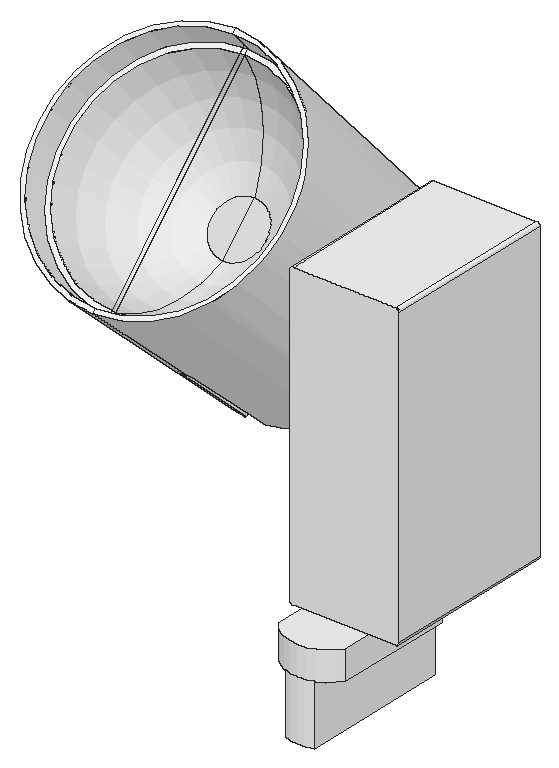
Revit family "0004936 Feilo Sylvania Lighting Fixture START TRACK SPOT L DALI 3562LM 940 WB WHT", category Lighting Fixtures, host Face, Revit 2017 (continued)
Definition of nested family "Start Track Spot Head"
  Types (96, lengths in mm): name | Wattage | built-in parameter 1150134 | Photometric Web File | Model | built-in parameter 1150105 | Lumens | built-in parameter 1150107 | built-in parameter 1150106 | HeadThickness_FEILO | HeadRibOffset_FEILO | HeadRibDepth_FEILO | HeadRibCutWidth_FEILO | HeadRibCutOffset_FEILO | HeadReflectorRadius_FEILO | HeadReflectorOffset_FEILO | HeadLEDRadius_FEILO | HeadHeight_FEILO | HeadDiffusorOffset_FEILO | HeadDiaOut_FEILO | HeadDiaIn_FEILO | HeadAxisFromTop_FEILO | Emit from Circle Diameter | built-in parameter 1150104 | Description | Apparent Load
    0004864 START TRACK SPOT S 24W 3K RA90 WB WHITE | 24 W | (empty or 0) | "0004864.ies" | "START TRACK SPOT S 24W 3K RA90 WB WHITE" | 152.79 (stored number, unit not read) | 1920 lm | 3000 (stored number, unit not read) | 1.5279 (stored number, unit not read) | 1.5 | 4.179 | 55.714 | 7.167 | 50.87 | 50.588 | 55.714 | 9.556 | 117 | 9.435 | 86 | 77.477 | 69.354 | 77.477 | 7.4322 (stored number, unit not read) | "Integrated LED spotlight, Textured White - RAL9016, compact and minimalist design, ideal for retail applications, die-cast aluminium body, passive cooling heatsink. Beam angle: 64°, color temperature: 3000K , total system power: 24W, total fixture output: 1928 lm, LOR: 100%, colour rendering: Ra: 90 typical, LED Chromaticity: 3 step MacAdam ellipse, lifetime: >50000 hours at L70B50, energy class: A++, A+, A, IR/UV free light source without heat radiation, operating voltage: 220-240V / 50-60Hz, drive current: 600mA, electronic driver, non-dimmable, power factor: 0.95, electrical protection: Class II, Global Track 3 Phase adapter suitable for Global trac 3-circuit tracks, ingress protection rating: IP20, suitable for internal environment only, horizontal rotation: 355°, vertical tilt: 90°, dimensions: Ø86x140x200, weight: 0.966kg." | 24 VA
    0004863 START TRACK SPOT S 24W 3K RA90 MB WHITE | 24 W | (empty or 0) | "0004863.ies" | "START TRACK SPOT S 24W 3K RA90 MB WHITE" | 154.7 (stored number, unit not read) | 1944 lm | 3000 (stored number, unit not read) | 1.547 (stored number, unit not read) | 1.5 | 4.179 | 55.714 | 7.167 | 50.87 | 50.588 | 55.714 | 9.556 | 117 | 9.435 | 86 | 77.477 | 69.354 | 77.477 | 7.5251 (stored number, unit not read) | "Integrated LED spotlight, Textured White - RAL9016, compact and minimalist design, ideal for retail applications, die-cast aluminium body, passive cooling heatsink. Beam angle: 36°, color temperature: 3000K , total system power: 24W, total fixture output: 1944 lm, LOR: 100%, colour rendering: Ra: 90 typical, LED Chromaticity: 3 step MacAdam ellipse, lifetime: >50000 hours at L70B50, energy class: A++, A+, A, IR/UV free light source without heat radiation, operating voltage: 220-240V / 50-60Hz, drive current: 600mA, electronic driver, non-dimmable, power factor: 0.95, electrical protection: Class II, Global Track 3 Phase adapter suitable for Global trac 3-circuit tracks, ingress protection rating: IP20, suitable for internal environment only, horizontal rotation: 355°, vertical tilt: 90°, dimensions: Ø86x140x200, weight: 0.966kg." | 24 VA
    0004862 START TRACK SPOT S 24W 3K RA90 NB WHITE | 24 W | (empty or 0) | "0004862.ies" | "START TRACK SPOT S 24W 3K RA90 NB WHITE" | 158.52 (stored number, unit not read) | 1992 lm | 3000 (stored number, unit not read) | 1.5852 (stored number, unit not read) | 1.5 | 4.179 | 55.714 | 7.167 | 50.87 | 50.588 | 55.714 | 9.556 | 117 | 9.435 | 86 | 77.477 | 69.354 | 77.477 | 7.711 (stored number, unit not read) | "Integrated LED spotlight, Textured White - RAL9016, compact and minimalist design, ideal for retail applications, die-cast aluminium body, passive cooling heatsink. Beam angle: 12°, color temperature: 3000K , total system power: 24W, total fixture output: 1987 lm, LOR: 100%, colour rendering: Ra: 90 typical, LED Chromaticity: 3 step MacAdam ellipse, lifetime: >50000 hours at L70B50, energy class: A++, A+, A, IR/UV free light source without heat radiation, operating voltage: 220-240V / 50-60Hz, drive current: 600mA, electronic driver, non-dimmable, power factor: 0.95, electrical protection: Class II, Global Track 3 Phase adapter suitable for Global trac 3-circuit tracks, ingress protection rating: IP20, suitable for internal environment only, horizontal rotation: 355°, vertical tilt: 90°, dimensions: Ø86x140x200, weight: 0.966kg." | 24 VA
    0004861 START TRACK SPOT S 14W 3K RA90 WB WHITE | 14 W | (empty or 0) | "0004861.ies" | "START TRACK SPOT S 14W 3K RA90 WB WHITE" | 100.27 (stored number, unit not read) | 1260 lm | 3000 (stored number, unit not read) | 1.0027 (stored number, unit not read) | 1.5 | 4.179 | 55.714 | 7.167 | 50.87 | 50.588 | 55.714 | 9.556 | 117 | 9.435 | 86 | 77.477 | 69.354 | 77.477 | 8.3613 (stored number, unit not read) | "Integrated LED spotlight, Textured White - RAL9016, compact and minimalist design, ideal for retail applications, die-cast aluminium body, passive cooling heatsink. Beam angle: 64°, color temperature: 3000K , total system power: 14W, total fixture output: 1262 lm, LOR: 100%, colour rendering: Ra: 90 typical, LED Chromaticity: 3 step MacAdam ellipse, lifetime: >50000 hours at L70B50, energy class: A++, A+, A, IR/UV free light source without heat radiation, operating voltage: 220-240V / 50-60Hz, drive current: 350mA, electronic driver, non-dimmable, power factor: 0.92, electrical protection: Class II, Global Track 3 Phase adapter suitable for Global trac 3-circuit tracks, ingress protection rating: IP20, suitable for internal environment only, horizontal rotation: 355°, vertical tilt: 90°, dimensions: Ø86x140x200, weight: 0.940kg." | 14 VA
    0004860 START TRACK SPOT S 14W 3K RA90 MB WHITE | 14 W | (empty or 0) | "0004860.ies" | "START TRACK SPOT S 14W 3K RA90 MB WHITE" | 100.27 (stored number, unit not read) | 1260 lm | 3000 (stored number, unit not read) | 1.0027 (stored number, unit not read) | 1.5 | 4.179 | 55.714 | 7.167 | 50.87 | 50.588 | 55.714 | 9.556 | 117 | 9.435 | 86 | 77.477 | 69.354 | 77.477 | 8.3613 (stored number, unit not read) | "Integrated LED spotlight, Textured White - RAL9016, compact and minimalist design, ideal for retail applications, die-cast aluminium body, passive cooling heatsink. Beam angle: 36°, color temperature: 3000K , total system power: 14W, total fixture output: 1262 lm, LOR: 100%, colour rendering: Ra: 90 typical, LED Chromaticity: 3 step MacAdam ellipse, lifetime: >50000 hours at L70B50, energy class: A++, A+, A, IR/UV free light source without heat radiation, operating voltage: 220-240V / 50-60Hz, drive current: 350mA, electronic driver, non-dimmable, power factor: 0.92, electrical protection: Class II, Global Track 3 Phase adapter suitable for Global trac 3-circuit tracks, ingress protection rating: IP20, suitable for internal environment only, horizontal rotation: 355°, vertical tilt: 90°, dimensions: Ø86x140x200, weight: 0.940kg." | 14 VA
    0004859 START TRACK SPOT S 14W 3K RA90 NB WHITE | 14 W | (empty or 0) | "0004859.ies" | "START TRACK SPOT S 14W 3K RA90 NB WHITE" | 102.5 (stored number, unit not read) | 1288 lm | 3000 (stored number, unit not read) | 1.025 (stored number, unit not read) | 1.5 | 4.179 | 55.714 | 7.167 | 50.87 | 50.588 | 55.714 | 9.556 | 117 | 9.435 | 86 | 77.477 | 69.354 | 77.477 | 8.5471 (stored number, unit not read) | "Integrated LED spotlight, Textured White - RAL9016, compact and minimalist design, ideal for retail applications, die-cast aluminium body, passive cooling heatsink. Beam angle: 12°, color temperature: 3000K , total system power: 14W, total fixture output: 1284 lm, LOR: 100%, colour rendering: Ra: 90 typical, LED Chromaticity: 3 step MacAdam ellipse, lifetime: >50000 hours at L70B50, energy class: A++, A+, A, IR/UV free light source without heat radiation, operating voltage: 220-240V / 50-60Hz, drive current: 350mA, electronic driver, non-dimmable, power factor: 0.92, electrical protection: Class II, Global Track 3 Phase adapter suitable for Global trac 3-circuit tracks, ingress protection rating: IP20, suitable for internal environment only, horizontal rotation: 355°, vertical tilt: 90°, dimensions: Ø86x140x200, weight: 0.940kg." | 14 VA
    0004858 START TRACK SPOT L 55W 4K RA80 WB BLACK | 55 W | 12 | "0004858.ies" | "START TRACK SPOT L 55W 4K RA80 WB BLACK" | 424.55 (stored number, unit not read) | 5335 lm | 4000 (stored number, unit not read) | 4.2455 (stored number, unit not read) | 2 | 4.429 | 59.048 | 9.417 | 53.913 | 66.471 | 59.048 | 12.556 | 124 | 10 | 113 | 101.802 | 73.503 | 101.802 | 9.0116 (stored number, unit not read) | "Integrated LED spotlight, Textured Black - RAL9005, compact and minimalist design, ideal for retail applications, die-cast aluminium body, passive cooling heatsink. Beam angle: 52°, color temperature: 4000K , total system power: 55W, total fixture output: 5320 lm, LOR: 100%, colour rendering: Ra: 80 typical, LED Chromaticity: 3 step MacAdam ellipse, lifetime: >50000 hours at L70B50, energy class: A++, A+, A, IR/UV free light source without heat radiation, operating voltage: 220-240V / 50-60Hz, drive current: 1400mA, electronic driver, non-dimmable, power factor: 0.96, electrical protection: Class II, Global Track 3 Phase adapter suitable for Global trac 3-circuit tracks, ingress protection rating: IP20, suitable for internal environment only, horizontal rotation: 355°, vertical tilt: 90°, dimensions: Ø113x164x240, weight: 1.398kg." | 55 VA
    0004857 START TRACK SPOT L 55W 4K RA80 MB BLACK | 55 W | 12 | "0004857.ies" | "START TRACK SPOT L 55W 4K RA80 MB BLACK" | 428.92 (stored number, unit not read) | 5390 lm | 4000 (stored number, unit not read) | 4.2892 (stored number, unit not read) | 2 | 4.429 | 59.048 | 9.417 | 53.913 | 66.471 | 59.048 | 12.556 | 124 | 10 | 113 | 101.802 | 73.503 | 101.802 | 9.1045 (stored number, unit not read) | "Integrated LED spotlight, Textured Black - RAL9005, compact and minimalist design, ideal for retail applications, die-cast aluminium body, passive cooling heatsink. Beam angle: 38°, color temperature: 4000K , total system power: 55W, total fixture output: 5378 lm, LOR: 100%, colour rendering: Ra: 80 typical, LED Chromaticity: 3 step MacAdam ellipse, lifetime: >50000 hours at L70B50, energy class: A++, A+, A, IR/UV free light source without heat radiation, operating voltage: 220-240V / 50-60Hz, drive current: 1400mA, electronic driver, non-dimmable, power factor: 0.96, electrical protection: Class II, Global Track 3 Phase adapter suitable for Global trac 3-circuit tracks, ingress protection rating: IP20, suitable for internal environment only, horizontal rotation: 355°, vertical tilt: 90°, dimensions: Ø113x164x240, weight: 1.398kg." | 55 VA
    0004856 START TRACK SPOT L 55W 4K RA80 NB BLACK | 55 W | 12 | "0004856.ies" | "START TRACK SPOT L 55W 4K RA80 NB BLACK" | 433.3 (stored number, unit not read) | 5445 lm | 4000 (stored number, unit not read) | 4.333 (stored number, unit not read) | 2 | 4.429 | 59.048 | 9.417 | 53.913 | 66.471 | 59.048 | 12.556 | 124 | 10 | 113 | 101.802 | 73.503 | 101.802 | 9.1974 (stored number, unit not read) | "Integrated LED spotlight, Textured Black - RAL9005, compact and minimalist design, ideal for retail applications, die-cast aluminium body, passive cooling heatsink. Beam angle: 15°, color temperature: 4000K , total system power: 55W, total fixture output: 5426 lm, LOR: 100%, colour rendering: Ra: 80 typical, LED Chromaticity: 3 step MacAdam ellipse, lifetime: >50000 hours at L70B50, energy class: A++, A+, A, IR/UV free light source without heat radiation, operating voltage: 220-240V / 50-60Hz, drive current: 1400mA, electronic driver, non-dimmable, power factor: 0.96, electrical protection: Class II, Global Track 3 Phase adapter suitable for Global trac 3-circuit tracks, ingress protection rating: IP20, suitable for internal environment only, horizontal rotation: 355°, vertical tilt: 90°, dimensions: Ø113x164x240, weight: 1.398kg." | 55 VA
    0004855 START TRACK SPOT L 35W 4K RA80 WB BLACK | 35 W | 12 | "0004855.ies" | "START TRACK SPOT L 35W 4K RA80 WB BLACK" | 320.3 (stored number, unit not read) | 4025 lm | 4000 (stored number, unit not read) | 3.203 (stored number, unit not read) | 2 | 4.429 | 59.048 | 9.417 | 53.913 | 66.471 | 59.048 | 12.556 | 124 | 10 | 113 | 101.802 | 73.503 | 101.802 | 10.684 (stored number, unit not read) | "Integrated LED spotlight, Textured Black - RAL9005, compact and minimalist design, ideal for retail applications, die-cast aluminium body, passive cooling heatsink. Beam angle: 52°, color temperature: 4000K , total system power: 35W, total fixture output: 4010 lm, LOR: 100%, colour rendering: Ra: 80 typical, LED Chromaticity: 3 step MacAdam ellipse, lifetime: >50000 hours at L70B50, energy class: A++, A+, A, IR/UV free light source without heat radiation, operating voltage: 220-240V / 50-60Hz, drive current: 900mA, electronic driver, non-dimmable, power factor: 0.93, electrical protection: Class II, Global Track 3 Phase adapter suitable for Global trac 3-circuit tracks, ingress protection rating: IP20, suitable for internal environment only, horizontal rotation: 355°, vertical tilt: 90°, dimensions: Ø113x164x240, weight: 1.368kg." | 35 VA
    0004854 START TRACK SPOT L 35W 4K RA80 MB BLACK | 35 W | 12 | "0004854.ies" | "START TRACK SPOT L 35W 4K RA80 MB BLACK" | 320.3 (stored number, unit not read) | 4025 lm | 4000 (stored number, unit not read) | 3.203 (stored number, unit not read) | 2 | 4.429 | 59.048 | 9.417 | 53.913 | 66.471 | 59.048 | 12.556 | 124 | 10 | 113 | 101.802 | 73.503 | 101.802 | 10.684 (stored number, unit not read) | "Integrated LED spotlight, Textured Black - RAL9005, compact and minimalist design, ideal for retail applications, die-cast aluminium body, passive cooling heatsink. Beam angle: 38°, color temperature: 4000K , total system power: 35W, total fixture output: 4017 lm, LOR: 100%, colour rendering: Ra: 80 typical, LED Chromaticity: 3 step MacAdam ellipse, lifetime: >50000 hours at L70B50, energy class: A++, A+, A, IR/UV free light source without heat radiation, operating voltage: 220-240V / 50-60Hz, drive current: 900mA, electronic driver, non-dimmable, power factor: 0.93, electrical protection: Class II, Global Track 3 Phase adapter suitable for Global trac 3-circuit tracks, ingress protection rating: IP20, suitable for internal environment only, horizontal rotation: 355°, vertical tilt: 90°, dimensions: Ø113x164x240, weight: 1.368kg." | 35 VA
    0004853 START TRACK SPOT L 35W 4K RA80 NB BLACK | 35 W | 12 | "0004853.ies" | "START TRACK SPOT L 35W 4K RA80 NB BLACK" | 331.44 (stored number, unit not read) | 4165 lm | 4000 (stored number, unit not read) | 3.3144 (stored number, unit not read) | 2 | 4.429 | 59.048 | 9.417 | 53.913 | 66.471 | 59.048 | 12.556 | 124 | 10 | 113 | 101.802 | 73.503 | 101.802 | 11.055 (stored number, unit not read) | "Integrated LED spotlight, Textured Black - RAL9005, compact and minimalist design, ideal for retail applications, die-cast aluminium body, passive cooling heatsink. Beam angle: 15°, color temperature: 4000K , total system power: 35W, total fixture output: 4174 lm, LOR: 100%, colour rendering: Ra: 80 typical, LED Chromaticity: 3 step MacAdam ellipse, lifetime: >50000 hours at L70B50, energy class: A++, A+, A, IR/UV free light source without heat radiation, operating voltage: 220-240V / 50-60Hz, drive current: 900mA, electronic driver, non-dimmable, power factor: 0.93, electrical protection: Class II, Global Track 3 Phase adapter suitable for Global trac 3-circuit tracks, ingress protection rating: IP20, suitable for internal environment only, horizontal rotation: 355°, vertical tilt: 90°, dimensions: Ø113x164x240, weight: 1.368kg." | 35 VA
    0004852 START TRACK SPOT S 24W 4K RA80 WB BLACK | 24 W | 12 | "0004852.ies" | "START TRACK SPOT S 24W 4K RA80 WB BLACK" | 196.72 (stored number, unit not read) | 2472 lm | 4000 (stored number, unit not read) | 1.9672 (stored number, unit not read) | 1.5 | 4.179 | 55.714 | 7.167 | 50.87 | 50.588 | 55.714 | 9.556 | 117 | 9.435 | 86 | 77.477 | 69.354 | 77.477 | 9.569 (stored number, unit not read) | "Integrated LED spotlight, Textured Black - RAL9005, compact and minimalist design, ideal for retail applications, die-cast aluminium body, passive cooling heatsink. Beam angle: 64°, color temperature: 4000K , total system power: 24W, total fixture output: 2476 lm, LOR: 100%, colour rendering: Ra: 80 typical, LED Chromaticity: 3 step MacAdam ellipse, lifetime: >50000 hours at L70B50, energy class: A++, A+, A, IR/UV free light source without heat radiation, operating voltage: 220-240V / 50-60Hz, drive current: 600mA, electronic driver, non-dimmable, power factor: 0.95, electrical protection: Class II, Global Track 3 Phase adapter suitable for Global trac 3-circuit tracks, ingress protection rating: IP20, suitable for internal environment only, horizontal rotation: 355°, vertical tilt: 90°, dimensions: Ø86x140x200, weight: 0.966kg." | 24 VA
    0004851 START TRACK SPOT S 24W 4K RA80 MB BLACK | 24 W | 12 | "0004851.ies" | "START TRACK SPOT S 24W 4K RA80 MB BLACK" | 198.63 (stored number, unit not read) | 2496 lm | 4000 (stored number, unit not read) | 1.9863 (stored number, unit not read) | 1.5 | 4.179 | 55.714 | 7.167 | 50.87 | 50.588 | 55.714 | 9.556 | 117 | 9.435 | 86 | 77.477 | 69.354 | 77.477 | 9.6619 (stored number, unit not read) | "Integrated LED spotlight, Textured Black - RAL9005, compact and minimalist design, ideal for retail applications, die-cast aluminium body, passive cooling heatsink. Beam angle: 36°, color temperature: 4000K , total system power: 24W, total fixture output: 2487 lm, LOR: 100%, colour rendering: Ra: 80 typical, LED Chromaticity: 3 step MacAdam ellipse, lifetime: >50000 hours at L70B50, energy class: A++, A+, A, IR/UV free light source without heat radiation, operating voltage: 220-240V / 50-60Hz, drive current: 600mA, electronic driver, non-dimmable, power factor: 0.95, electrical protection: Class II, Global Track 3 Phase adapter suitable for Global trac 3-circuit tracks, ingress protection rating: IP20, suitable for internal environment only, horizontal rotation: 355°, vertical tilt: 90°, dimensions: Ø86x140x200, weight: 0.966kg." | 24 VA
    0004850 START TRACK SPOT S 24W 4K RA80 NB BLACK | 24 W | 12 | "0004850.ies" | "START TRACK SPOT S 24W 4K RA80 NB BLACK" | 200.54 (stored number, unit not read) | 2520 lm | 4000 (stored number, unit not read) | 2.0054 (stored number, unit not read) | 1.5 | 4.179 | 55.714 | 7.167 | 50.87 | 50.588 | 55.714 | 9.556 | 117 | 9.435 | 86 | 77.477 | 69.354 | 77.477 | 9.7548 (stored number, unit not read) | "Integrated LED spotlight, Textured Black - RAL9005, compact and minimalist design, ideal for retail applications, die-cast aluminium body, passive cooling heatsink. Beam angle: 12°, color temperature: 4000K , total system power: 24W, total fixture output: 2529 lm, LOR: 100%, colour rendering: Ra: 80 typical, LED Chromaticity: 3 step MacAdam ellipse, lifetime: >50000 hours at L70B50, energy class: A++, A+, A, IR/UV free light source without heat radiation, operating voltage: 220-240V / 50-60Hz, drive current: 600mA, electronic driver, non-dimmable, power factor: 0.95, electrical protection: Class II, Global Track 3 Phase adapter suitable for Global trac 3-circuit tracks, ingress protection rating: IP20, suitable for internal environment only, horizontal rotation: 355°, vertical tilt: 90°, dimensions: Ø86x140x200, weight: 0.966kg." | 24 VA
    0004849 START TRACK SPOT S 14W 4K RA80 WB BLACK | 14 W | 12 | "0004849.ies" | "START TRACK SPOT S 14W 4K RA80 WB BLACK" | 123.66 (stored number, unit not read) | 1554 lm | 4000 (stored number, unit not read) | 1.2366 (stored number, unit not read) | 1.5 | 4.179 | 55.714 | 7.167 | 50.87 | 50.588 | 55.714 | 9.556 | 117 | 9.435 | 86 | 77.477 | 69.354 | 77.477 | 10.312 (stored number, unit not read) | "Integrated LED spotlight, Textured Black - RAL9005, compact and minimalist design, ideal for retail applications, die-cast aluminium body, passive cooling heatsink. Beam angle: 64°, color temperature: 4000K , total system power: 14W, total fixture output: 1558 lm, LOR: 100%, colour rendering: Ra: 80 typical, LED Chromaticity: 3 step MacAdam ellipse, lifetime: >50000 hours at L70B50, energy class: A++, A+, A, IR/UV free light source without heat radiation, operating voltage: 220-240V / 50-60Hz, drive current: 350mA, electronic driver, non-dimmable, power factor: 0.92, electrical protection: Class II, Global Track 3 Phase adapter suitable for Global trac 3-circuit tracks, ingress protection rating: IP20, suitable for internal environment only, horizontal rotation: 355°, vertical tilt: 90°, dimensions: Ø86x140x200, weight: 0.940kg." | 14 VA
    0004848 START TRACK SPOT S 14W 4K RA80 MB BLACK | 14 W | 12 | "0004848.ies" | "START TRACK SPOT S 14W 4K RA80 MB BLACK" | 127.01 (stored number, unit not read) | 1596 lm | 4000 (stored number, unit not read) | 1.2701 (stored number, unit not read) | 1.5 | 4.179 | 55.714 | 7.167 | 50.87 | 50.588 | 55.714 | 9.556 | 117 | 9.435 | 86 | 77.477 | 69.354 | 77.477 | 10.591 (stored number, unit not read) | "Integrated LED spotlight, Textured Black - RAL9005, compact and minimalist design, ideal for retail applications, die-cast aluminium body, passive cooling heatsink. Beam angle: 36°, color temperature: 4000K , total system power: 14W, total fixture output: 1598 lm, LOR: 100%, colour rendering: Ra: 80 typical, LED Chromaticity: 3 step MacAdam ellipse, lifetime: >50000 hours at L70B50, energy class: A++, A+, A, IR/UV free light source without heat radiation, operating voltage: 220-240V / 50-60Hz, drive current: 350mA, electronic driver, non-dimmable, power factor: 0.92, electrical protection: Class II, Global Track 3 Phase adapter suitable for Global trac 3-circuit tracks, ingress protection rating: IP20, suitable for internal environment only, horizontal rotation: 355°, vertical tilt: 90°, dimensions: Ø86x140x200, weight: 0.940kg." | 14 VA
    0004847 START TRACK SPOT S 14W 4K RA80 NB BLACK | 14 W | 12 | "0004847.ies" | "START TRACK SPOT S 14W 4K RA80 NB BLACK" | 128.12 (stored number, unit not read) | 1610 lm | 4000 (stored number, unit not read) | 1.2812 (stored number, unit not read) | 1.5 | 4.179 | 55.714 | 7.167 | 50.87 | 50.588 | 55.714 | 9.556 | 117 | 9.435 | 86 | 77.477 | 69.354 | 77.477 | 10.684 (stored number, unit not read) | "Integrated LED spotlight, Textured Black - RAL9005, compact and minimalist design, ideal for retail applications, die-cast aluminium body, passive cooling heatsink. Beam angle: 12°, color temperature: 4000K , total system power: 14W, total fixture output: 1608 lm, LOR: 100%, colour rendering: Ra: 80 typical, LED Chromaticity: 3 step MacAdam ellipse, lifetime: >50000 hours at L70B50, energy class: A++, A+, A, IR/UV free light source without heat radiation, operating voltage: 220-240V / 50-60Hz, drive current: 350mA, electronic driver, non-dimmable, power factor: 0.92, electrical protection: Class II, Global Track 3 Phase adapter suitable for Global trac 3-circuit tracks, ingress protection rating: IP20, suitable for internal environment only, horizontal rotation: 355°, vertical tilt: 90°, dimensions: Ø86x140x200, weight: 0.940kg." | 14 VA
    0004846 START TRACK SPOT L 55W 3K RA80 WB BLACK | 55 W | (empty or 0) | "0004846.ies" | "START TRACK SPOT L 55W 3K RA80 WB BLACK" | 420.17 (stored number, unit not read) | 5280 lm | 3000 (stored number, unit not read) | 4.2017 (stored number, unit not read) | 2 | 4.429 | 59.048 | 9.417 | 53.913 | 66.471 | 59.048 | 12.556 | 124 | 10 | 113 | 101.802 | 73.503 | 101.802 | 8.9187 (stored number, unit not read) | "Integrated LED spotlight, Textured Black - RAL9005, compact and minimalist design, ideal for retail applications, die-cast aluminium body, passive cooling heatsink. Beam angle: 52°, color temperature: 3000K , total system power: 55W, total fixture output: 5298 lm, LOR: 100%, colour rendering: Ra: 80 typical, LED Chromaticity: 3 step MacAdam ellipse, lifetime: >50000 hours at L70B50, energy class: A++, A+, A, IR/UV free light source without heat radiation, operating voltage: 220-240V / 50-60Hz, drive current: 1400mA, electronic driver, non-dimmable, power factor: 0.96, electrical protection: Class II, Global Track 3 Phase adapter suitable for Global trac 3-circuit tracks, ingress protection rating: IP20, suitable for internal environment only, horizontal rotation: 355°, vertical tilt: 90°, dimensions: Ø113x164x240, weight: 1.398kg." | 55 VA
    0004845 START TRACK SPOT L 55W 3K RA80 MB BLACK | 55 W | (empty or 0) | "0004845.ies" | "START TRACK SPOT L 55W 3K RA80 MB BLACK" | 428.92 (stored number, unit not read) | 5390 lm | 3000 (stored number, unit not read) | 4.2892 (stored number, unit not read) | 2 | 4.429 | 59.048 | 9.417 | 53.913 | 66.471 | 59.048 | 12.556 | 124 | 10 | 113 | 101.802 | 73.503 | 101.802 | 9.1045 (stored number, unit not read) | "Integrated LED spotlight, Textured Black - RAL9005, compact and minimalist design, ideal for retail applications, die-cast aluminium body, passive cooling heatsink. Beam angle: 38°, color temperature: 3000K , total system power: 55W, total fixture output: 5381 lm, LOR: 100%, colour rendering: Ra: 80 typical, LED Chromaticity: 3 step MacAdam ellipse, lifetime: >50000 hours at L70B50, energy class: A++, A+, A, IR/UV free light source without heat radiation, operating voltage: 220-240V / 50-60Hz, drive current: 1400mA, electronic driver, non-dimmable, power factor: 0.96, electrical protection: Class II, Global Track 3 Phase adapter suitable for Global trac 3-circuit tracks, ingress protection rating: IP20, suitable for internal environment only, horizontal rotation: 355°, vertical tilt: 90°, dimensions: Ø113x164x240, weight: 1.398kg." | 55 VA
    0004844 START TRACK SPOT L 55W 3K RA80 NB BLACK | 55 W | (empty or 0) | "0004844.ies" | "START TRACK SPOT L 55W 3K RA80 NB BLACK" | 433.3 (stored number, unit not read) | 5445 lm | 3000 (stored number, unit not read) | 4.333 (stored number, unit not read) | 2 | 4.429 | 59.048 | 9.417 | 53.913 | 66.471 | 59.048 | 12.556 | 124 | 10 | 113 | 101.802 | 73.503 | 101.802 | 9.1974 (stored number, unit not read) | "Integrated LED spotlight, Textured Black - RAL9005, compact and minimalist design, ideal for retail applications, die-cast aluminium body, passive cooling heatsink. Beam angle: 15°, color temperature: 3000K , total system power: 55W, total fixture output: 5449 lm, LOR: 100%, colour rendering: Ra: 80 typical, LED Chromaticity: 3 step MacAdam ellipse, lifetime: >50000 hours at L70B50, energy class: A++, A+, A, IR/UV free light source without heat radiation, operating voltage: 220-240V / 50-60Hz, drive current: 1400mA, electronic driver, non-dimmable, power factor: 0.96, electrical protection: Class II, Global Track 3 Phase adapter suitable for Global trac 3-circuit tracks, ingress protection rating: IP20, suitable for internal environment only, horizontal rotation: 355°, vertical tilt: 90°, dimensions: Ø113x164x240, weight: 1.398kg." | 55 VA
    0004843 START TRACK SPOT L 35W 3K RA80 WB BLACK | 35 W | (empty or 0) | "0004843.ies" | "START TRACK SPOT L 35W 3K RA80 WB BLACK" | 314.73 (stored number, unit not read) | 3955 lm | 3000 (stored number, unit not read) | 3.1473 (stored number, unit not read) | 2 | 4.429 | 59.048 | 9.417 | 53.913 | 66.471 | 59.048 | 12.556 | 124 | 10 | 113 | 101.802 | 73.503 | 101.802 | 10.498 (stored number, unit not read) | "Integrated LED spotlight, Textured Black - RAL9005, compact and minimalist design, ideal for retail applications, die-cast aluminium body, passive cooling heatsink. Beam angle: 52°, color temperature: 3000K , total system power: 35W, total fixture output: 3943 lm, LOR: 100%, colour rendering: Ra: 80 typical, LED Chromaticity: 3 step MacAdam ellipse, lifetime: >50000 hours at L70B50, energy class: A++, A+, A, IR/UV free light source without heat radiation, operating voltage: 220-240V / 50-60Hz, drive current: 900mA, electronic driver, non-dimmable, power factor: 0.93, electrical protection: Class II, Global Track 3 Phase adapter suitable for Global trac 3-circuit tracks, ingress protection rating: IP20, suitable for internal environment only, horizontal rotation: 355°, vertical tilt: 90°, dimensions: Ø113x164x240, weight: 1.368kg." | 35 VA
    0004842 START TRACK SPOT L 35W 3K RA80 MB BLACK | 35 W | (empty or 0) | "0004842.ies" | "START TRACK SPOT L 35W 3K RA80 MB BLACK" | 320.3 (stored number, unit not read) | 4025 lm | 3000 (stored number, unit not read) | 3.203 (stored number, unit not read) | 2 | 4.429 | 59.048 | 9.417 | 53.913 | 66.471 | 59.048 | 12.556 | 124 | 10 | 113 | 101.802 | 73.503 | 101.802 | 10.684 (stored number, unit not read) | "Integrated LED spotlight, Textured Black - RAL9005, compact and minimalist design, ideal for retail applications, die-cast aluminium body, passive cooling heatsink. Beam angle: 38°, color temperature: 3000K , total system power: 35W, total fixture output: 4008 lm, LOR: 100%, colour rendering: Ra: 80 typical, LED Chromaticity: 3 step MacAdam ellipse, lifetime: >50000 hours at L70B50, energy class: A++, A+, A, IR/UV free light source without heat radiation, operating voltage: 220-240V / 50-60Hz, drive current: 900mA, electronic driver, non-dimmable, power factor: 0.93, electrical protection: Class II, Global Track 3 Phase adapter suitable for Global trac 3-circuit tracks, ingress protection rating: IP20, suitable for internal environment only, horizontal rotation: 355°, vertical tilt: 90°, dimensions: Ø113x164x240, weight: 1.368kg." | 35 VA
    0004841 START TRACK SPOT L 35W 3K RA80 NB BLACK | 35 W | (empty or 0) | "0004841.ies" | "START TRACK SPOT L 35W 3K RA80 NB BLACK" | 317.51 (stored number, unit not read) | 3990 lm | 3000 (stored number, unit not read) | 3.1751 (stored number, unit not read) | 2 | 4.429 | 59.048 | 9.417 | 53.913 | 66.471 | 59.048 | 12.556 | 124 | 10 | 113 | 101.802 | 73.503 | 101.802 | 10.591 (stored number, unit not read) | "Integrated LED spotlight, Textured Black - RAL9005, compact and minimalist design, ideal for retail applications, die-cast aluminium body, passive cooling heatsink. Beam angle: 15°, color temperature: 3000K , total system power: 35W, total fixture output: 4005 lm, LOR: 100%, colour rendering: Ra: 80 typical, LED Chromaticity: 3 step MacAdam ellipse, lifetime: >50000 hours at L70B50, energy class: A++, A+, A, IR/UV free light source without heat radiation, operating voltage: 220-240V / 50-60Hz, drive current: 900mA, electronic driver, non-dimmable, power factor: 0.93, electrical protection: Class II, Global Track 3 Phase adapter suitable for Global trac 3-circuit tracks, ingress protection rating: IP20, suitable for internal environment only, horizontal rotation: 355°, vertical tilt: 90°, dimensions: Ø113x164x240, weight: 1.368kg." | 35 VA
    0004840 START TRACK SPOT S 24W 3K RA80 WB BLACK | 24 W | (empty or 0) | "0004840.ies" | "START TRACK SPOT S 24W 3K RA80 WB BLACK" | 185.26 (stored number, unit not read) | 2328 lm | 3000 (stored number, unit not read) | 1.8526 (stored number, unit not read) | 1.5 | 4.179 | 55.714 | 7.167 | 50.87 | 50.588 | 55.714 | 9.556 | 117 | 9.435 | 86 | 77.477 | 69.354 | 77.477 | 9.0116 (stored number, unit not read) | "Integrated LED spotlight, Textured Black - RAL9005, compact and minimalist design, ideal for retail applications, die-cast aluminium body, passive cooling heatsink. Beam angle: 64°, color temperature: 3000K , total system power: 24W, total fixture output: 2318 lm, LOR: 100%, colour rendering: Ra: 80 typical, LED Chromaticity: 3 step MacAdam ellipse, lifetime: >50000 hours at L70B50, energy class: A++, A+, A, IR/UV free light source without heat radiation, operating voltage: 220-240V / 50-60Hz, drive current: 600mA, electronic driver, non-dimmable, power factor: 0.95, electrical protection: Class II, Global Track 3 Phase adapter suitable for Global trac 3-circuit tracks, ingress protection rating: IP20, suitable for internal environment only, horizontal rotation: 355°, vertical tilt: 90°, dimensions: Ø86x140x200, weight: 0.966kg." | 24 VA
    0004839 START TRACK SPOT S 24W 3K RA80 MB BLACK | 24 W | (empty or 0) | "0004839.ies" | "START TRACK SPOT S 24W 3K RA80 MB BLACK" | 183.35 (stored number, unit not read) | 2304 lm | 3000 (stored number, unit not read) | 1.8335 (stored number, unit not read) | 1.5 | 4.179 | 55.714 | 7.167 | 50.87 | 50.588 | 55.714 | 9.556 | 117 | 9.435 | 86 | 77.477 | 69.354 | 77.477 | 8.9187 (stored number, unit not read) | "Integrated LED spotlight, Textured Black - RAL9005, compact and minimalist design, ideal for retail applications, die-cast aluminium body, passive cooling heatsink. Beam angle: 36°, color temperature: 3000K , total system power: 24W, total fixture output: 2314 lm, LOR: 100%, colour rendering: Ra: 80 typical, LED Chromaticity: 3 step MacAdam ellipse, lifetime: >50000 hours at L70B50, energy class: A++, A+, A, IR/UV free light source without heat radiation, operating voltage: 220-240V / 50-60Hz, drive current: 600mA, electronic driver, non-dimmable, power factor: 0.95, electrical protection: Class II, Global Track 3 Phase adapter suitable for Global trac 3-circuit tracks, ingress protection rating: IP20, suitable for internal environment only, horizontal rotation: 355°, vertical tilt: 90°, dimensions: Ø86x140x200, weight: 0.966kg." | 24 VA
    0004838 START TRACK SPOT S 24W 3K RA80 NB BLACK | 24 W | (empty or 0) | "0004838.ies" | "START TRACK SPOT S 24W 3K RA80 NB BLACK" | 185.26 (stored number, unit not read) | 2328 lm | 3000 (stored number, unit not read) | 1.8526 (stored number, unit not read) | 1.5 | 4.179 | 55.714 | 7.167 | 50.87 | 50.588 | 55.714 | 9.556 | 117 | 9.435 | 86 | 77.477 | 69.354 | 77.477 | 9.0116 (stored number, unit not read) | "Integrated LED spotlight, Textured Black - RAL9005, compact and minimalist design, ideal for retail applications, die-cast aluminium body, passive cooling heatsink. Beam angle: 12°, color temperature: 3000K , total system power: 24W, total fixture output: 2334 lm, LOR: 100%, colour rendering: Ra: 80 typical, LED Chromaticity: 3 step MacAdam ellipse, lifetime: >50000 hours at L70B50, energy class: A++, A+, A, IR/UV free light source without heat radiation, operating voltage: 220-240V / 50-60Hz, drive current: 600mA, electronic driver, non-dimmable, power factor: 0.95, electrical protection: Class II, Global Track 3 Phase adapter suitable for Global trac 3-circuit tracks, ingress protection rating: IP20, suitable for internal environment only, horizontal rotation: 355°, vertical tilt: 90°, dimensions: Ø86x140x200, weight: 0.966kg." | 24 VA
    0004837 START TRACK SPOT S 14W 3K RA80 WB BLACK | 14 W | (empty or 0) | "0004837.ies" | "START TRACK SPOT S 14W 3K RA80 WB BLACK" | 119.21 (stored number, unit not read) | 1498 lm | 3000 (stored number, unit not read) | 1.1921 (stored number, unit not read) | 1.5 | 4.179 | 55.714 | 7.167 | 50.87 | 50.588 | 55.714 | 9.556 | 117 | 9.435 | 86 | 77.477 | 69.354 | 77.477 | 9.9406 (stored number, unit not read) | "Integrated LED spotlight, Textured Black - RAL9005, compact and minimalist design, ideal for retail applications, die-cast aluminium body, passive cooling heatsink. Beam angle: 64°, color temperature: 3000K , total system power: 14W, total fixture output: 1498 lm, LOR: 100%, colour rendering: Ra: 80 typical, LED Chromaticity: 3 step MacAdam ellipse, lifetime: >50000 hours at L70B50, energy class: A++, A+, A, IR/UV free light source without heat radiation, operating voltage: 220-240V / 50-60Hz, drive current: 350mA, electronic driver, non-dimmable, power factor: 0.92, electrical protection: Class II, Global Track 3 Phase adapter suitable for Global trac 3-circuit tracks, ingress protection rating: IP20, suitable for internal environment only, horizontal rotation: 355°, vertical tilt: 90°, dimensions: Ø86x140x200, weight: 0.940kg." | 14 VA
    0004836 START TRACK SPOT S 14W 3K RA80 MB BLACK | 14 W | (empty or 0) | "0004836.ies" | "START TRACK SPOT S 14W 3K RA80 MB BLACK" | 120.32 (stored number, unit not read) | 1512 lm | 3000 (stored number, unit not read) | 1.2032 (stored number, unit not read) | 1.5 | 4.179 | 55.714 | 7.167 | 50.87 | 50.588 | 55.714 | 9.556 | 117 | 9.435 | 86 | 77.477 | 69.354 | 77.477 | 10.034 (stored number, unit not read) | "Integrated LED spotlight, Textured Black - RAL9005, compact and minimalist design, ideal for retail applications, die-cast aluminium body, passive cooling heatsink. Beam angle: 36°, color temperature: 3000K , total system power: 14W, total fixture output: 1508 lm, LOR: 100%, colour rendering: Ra: 80 typical, LED Chromaticity: 3 step MacAdam ellipse, lifetime: >50000 hours at L70B50, energy class: A++, A+, A, IR/UV free light source without heat radiation, operating voltage: 220-240V / 50-60Hz, drive current: 350mA, electronic driver, non-dimmable, power factor: 0.92, electrical protection: Class II, Global Track 3 Phase adapter suitable for Global trac 3-circuit tracks, ingress protection rating: IP20, suitable for internal environment only, horizontal rotation: 355°, vertical tilt: 90°, dimensions: Ø86x140x200, weight: 0.940kg." | 14 VA
    0004835 START TRACK SPOT S 14W 3K RA80 NB BLACK | 14 W | (empty or 0) | "0004835.ies" | "START TRACK SPOT S 14W 3K RA80 NB BLACK" | 123.66 (stored number, unit not read) | 1554 lm | 3000 (stored number, unit not read) | 1.2366 (stored number, unit not read) | 1.5 | 4.179 | 55.714 | 7.167 | 50.87 | 50.588 | 55.714 | 9.556 | 117 | 9.435 | 86 | 77.477 | 69.354 | 77.477 | 10.312 (stored number, unit not read) | "Integrated LED spotlight, Textured Black - RAL9005, compact and minimalist design, ideal for retail applications, die-cast aluminium body, passive cooling heatsink. Beam angle: 12°, color temperature: 3000K , total system power: 14W, total fixture output: 1551 lm, LOR: 100%, colour rendering: Ra: 80 typical, LED Chromaticity: 3 step MacAdam ellipse, lifetime: >50000 hours at L70B50, energy class: A++, A+, A, IR/UV free light source without heat radiation, operating voltage: 220-240V / 50-60Hz, drive current: 350mA, electronic driver, non-dimmable, power factor: 0.92, electrical protection: Class II, Global Track 3 Phase adapter suitable for Global trac 3-circuit tracks, ingress protection rating: IP20, suitable for internal environment only, horizontal rotation: 355°, vertical tilt: 90°, dimensions: Ø86x140x200, weight: 0.940kg." | 14 VA
    0004834 START TRACK SPOT L 55W 4K RA80 WB WHITE | 55 W | 12 | "0004834.ies" | "START TRACK SPOT L 55W 4K RA80 WB WHITE" | 424.55 (stored number, unit not read) | 5335 lm | 4000 (stored number, unit not read) | 4.2455 (stored number, unit not read) | 2 | 4.429 | 59.048 | 9.417 | 53.913 | 66.471 | 59.048 | 12.556 | 124 | 10 | 113 | 101.802 | 73.503 | 101.802 | 9.0116 (stored number, unit not read) | "Integrated LED spotlight, Textured White - RAL9016, compact and minimalist design, ideal for retail applications, die-cast aluminium body, passive cooling heatsink. Beam angle: 52°, color temperature: 4000K , total system power: 55W, total fixture output: 5320 lm, LOR: 100%, colour rendering: Ra: 80 typical, LED Chromaticity: 3 step MacAdam ellipse, lifetime: >50000 hours at L70B50, energy class: A++, A+, A, IR/UV free light source without heat radiation, operating voltage: 220-240V / 50-60Hz, drive current: 1400mA, electronic driver, non-dimmable, power factor: 0.96, electrical protection: Class II, Global Track 3 Phase adapter suitable for Global trac 3-circuit tracks, ingress protection rating: IP20, suitable for internal environment only, horizontal rotation: 355°, vertical tilt: 90°, dimensions: Ø113x164x240, weight: 1.398kg." | 55 VA
    0004833 START TRACK SPOT L 55W 4K RA80 MB WHITE | 55 W | 12 | "0004833.ies" | "START TRACK SPOT L 55W 4K RA80 MB WHITE" | 428.92 (stored number, unit not read) | 5390 lm | 4000 (stored number, unit not read) | 4.2892 (stored number, unit not read) | 2 | 4.429 | 59.048 | 9.417 | 53.913 | 66.471 | 59.048 | 12.556 | 124 | 10 | 113 | 101.802 | 73.503 | 101.802 | 9.1045 (stored number, unit not read) | "Integrated LED spotlight, Textured White - RAL9016, compact and minimalist design, ideal for retail applications, die-cast aluminium body, passive cooling heatsink. Beam angle: 38°, color temperature: 4000K , total system power: 55W, total fixture output: 5378 lm, LOR: 100%, colour rendering: Ra: 80 typical, LED Chromaticity: 3 step MacAdam ellipse, lifetime: >50000 hours at L70B50, energy class: A++, A+, A, IR/UV free light source without heat radiation, operating voltage: 220-240V / 50-60Hz, drive current: 1400mA, electronic driver, non-dimmable, power factor: 0.96, electrical protection: Class II, Global Track 3 Phase adapter suitable for Global trac 3-circuit tracks, ingress protection rating: IP20, suitable for internal environment only, horizontal rotation: 355°, vertical tilt: 90°, dimensions: Ø113x164x240, weight: 1.398kg." | 55 VA
    0004832 START TRACK SPOT L 55W 4K RA80 NB WHITE | 55 W | 12 | "0004832.ies" | "START TRACK SPOT L 55W 4K RA80 NB WHITE" | 433.3 (stored number, unit not read) | 5445 lm | 4000 (stored number, unit not read) | 4.333 (stored number, unit not read) | 2 | 4.429 | 59.048 | 9.417 | 53.913 | 66.471 | 59.048 | 12.556 | 124 | 10 | 113 | 101.802 | 73.503 | 101.802 | 9.1974 (stored number, unit not read) | "Integrated LED spotlight, Textured White - RAL9016, compact and minimalist design, ideal for retail applications, die-cast aluminium body, passive cooling heatsink. Beam angle: 15°, color temperature: 4000K , total system power: 55W, total fixture output: 5426 lm, LOR: 100%, colour rendering: Ra: 80 typical, LED Chromaticity: 3 step MacAdam ellipse, lifetime: >50000 hours at L70B50, energy class: A++, A+, A, IR/UV free light source without heat radiation, operating voltage: 220-240V / 50-60Hz, drive current: 1400mA, electronic driver, non-dimmable, power factor: 0.96, electrical protection: Class II, Global Track 3 Phase adapter suitable for Global trac 3-circuit tracks, ingress protection rating: IP20, suitable for internal environment only, horizontal rotation: 355°, vertical tilt: 90°, dimensions: Ø113x164x240, weight: 1.398kg." | 55 VA
    0004831 START TRACK SPOT L 35W 4K RA80 WB WHITE | 35 W | 12 | "0004831.ies" | "START TRACK SPOT L 35W 4K RA80 WB WHITE" | 320.3 (stored number, unit not read) | 4025 lm | 4000 (stored number, unit not read) | 3.203 (stored number, unit not read) | 2 | 4.429 | 59.048 | 9.417 | 53.913 | 66.471 | 59.048 | 12.556 | 124 | 10 | 113 | 101.802 | 73.503 | 101.802 | 10.684 (stored number, unit not read) | "Integrated LED spotlight, Textured White - RAL9016, compact and minimalist design, ideal for retail applications, die-cast aluminium body, passive cooling heatsink. Beam angle: 52°, color temperature: 4000K , total system power: 35W, total fixture output: 4010 lm, LOR: 100%, colour rendering: Ra: 80 typical, LED Chromaticity: 3 step MacAdam ellipse, lifetime: >50000 hours at L70B50, energy class: A++, A+, A, IR/UV free light source without heat radiation, operating voltage: 220-240V / 50-60Hz, drive current: 900mA, electronic driver, non-dimmable, power factor: 0.93, electrical protection: Class II, Global Track 3 Phase adapter suitable for Global trac 3-circuit tracks, ingress protection rating: IP20, suitable for internal environment only, horizontal rotation: 355°, vertical tilt: 90°, dimensions: Ø113x164x240, weight: 1.368kg." | 35 VA
    0004830 START TRACK SPOT L 35W 4K RA80 MB WHITE | 35 W | 12 | "0004830.ies" | "START TRACK SPOT L 35W 4K RA80 MB WHITE" | 320.3 (stored number, unit not read) | 4025 lm | 4000 (stored number, unit not read) | 3.203 (stored number, unit not read) | 2 | 4.429 | 59.048 | 9.417 | 53.913 | 66.471 | 59.048 | 12.556 | 124 | 10 | 113 | 101.802 | 73.503 | 101.802 | 10.684 (stored number, unit not read) | "Integrated LED spotlight, Textured White - RAL9016, compact and minimalist design, ideal for retail applications, die-cast aluminium body, passive cooling heatsink. Beam angle: 38°, color temperature: 4000K , total system power: 35W, total fixture output: 4017 lm, LOR: 100%, colour rendering: Ra: 80 typical, LED Chromaticity: 3 step MacAdam ellipse, lifetime: >50000 hours at L70B50, energy class: A++, A+, A, IR/UV free light source without heat radiation, operating voltage: 220-240V / 50-60Hz, drive current: 900mA, electronic driver, non-dimmable, power factor: 0.93, electrical protection: Class II, Global Track 3 Phase adapter suitable for Global trac 3-circuit tracks, ingress protection rating: IP20, suitable for internal environment only, horizontal rotation: 355°, vertical tilt: 90°, dimensions: Ø113x164x240, weight: 1.368kg." | 35 VA
    0004829 START TRACK SPOT L 35W 4K RA80 NB WHITE | 35 W | 12 | "0004829.ies" | "START TRACK SPOT L 35W 4K RA80 NB WHITE" | 331.44 (stored number, unit not read) | 4165 lm | 4000 (stored number, unit not read) | 3.3144 (stored number, unit not read) | 2 | 4.429 | 59.048 | 9.417 | 53.913 | 66.471 | 59.048 | 12.556 | 124 | 10 | 113 | 101.802 | 73.503 | 101.802 | 11.055 (stored number, unit not read) | "Integrated LED spotlight, Textured White - RAL9016, compact and minimalist design, ideal for retail applications, die-cast aluminium body, passive cooling heatsink. Beam angle: 15°, color temperature: 4000K , total system power: 35W, total fixture output: 4174 lm, LOR: 100%, colour rendering: Ra: 80 typical, LED Chromaticity: 3 step MacAdam ellipse, lifetime: >50000 hours at L70B50, energy class: A++, A+, A, IR/UV free light source without heat radiation, operating voltage: 220-240V / 50-60Hz, drive current: 900mA, electronic driver, non-dimmable, power factor: 0.93, electrical protection: Class II, Global Track 3 Phase adapter suitable for Global trac 3-circuit tracks, ingress protection rating: IP20, suitable for internal environment only, horizontal rotation: 355°, vertical tilt: 90°, dimensions: Ø113x164x240, weight: 1.368kg." | 35 VA
    0004828 START TRACK SPOT S 24W 4K RA80 WB WHITE | 24 W | 12 | "0004828.ies" | "START TRACK SPOT S 24W 4K RA80 WB WHITE" | 196.72 (stored number, unit not read) | 2472 lm | 4000 (stored number, unit not read) | 1.9672 (stored number, unit not read) | 1.5 | 4.179 | 55.714 | 7.167 | 50.87 | 50.588 | 55.714 | 9.556 | 117 | 9.435 | 86 | 77.477 | 69.354 | 77.477 | 9.569 (stored number, unit not read) | "Integrated LED spotlight, Textured White - RAL9016, compact and minimalist design, ideal for retail applications, die-cast aluminium body, passive cooling heatsink. Beam angle: 64°, color temperature: 4000K , total system power: 24W, total fixture output: 2476 lm, LOR: 100%, colour rendering: Ra: 80 typical, LED Chromaticity: 3 step MacAdam ellipse, lifetime: >50000 hours at L70B50, energy class: A++, A+, A, IR/UV free light source without heat radiation, operating voltage: 220-240V / 50-60Hz, drive current: 600mA, electronic driver, non-dimmable, power factor: 0.95, electrical protection: Class II, Global Track 3 Phase adapter suitable for Global trac 3-circuit tracks, ingress protection rating: IP20, suitable for internal environment only, horizontal rotation: 355°, vertical tilt: 90°, dimensions: Ø86x140x200, weight: 0.966kg." | 24 VA
    0004827 START TRACK SPOT S 24W 4K RA80 MB WHITE | 24 W | 12 | "0004827.ies" | "START TRACK SPOT S 24W 4K RA80 MB WHITE" | 198.63 (stored number, unit not read) | 2496 lm | 4000 (stored number, unit not read) | 1.9863 (stored number, unit not read) | 1.5 | 4.179 | 55.714 | 7.167 | 50.87 | 50.588 | 55.714 | 9.556 | 117 | 9.435 | 86 | 77.477 | 69.354 | 77.477 | 9.6619 (stored number, unit not read) | "Integrated LED spotlight, Textured White - RAL9016, compact and minimalist design, ideal for retail applications, die-cast aluminium body, passive cooling heatsink. Beam angle: 36°, color temperature: 4000K , total system power: 24W, total fixture output: 2487 lm, LOR: 100%, colour rendering: Ra: 80 typical, LED Chromaticity: 3 step MacAdam ellipse, lifetime: >50000 hours at L70B50, energy class: A++, A+, A, IR/UV free light source without heat radiation, operating voltage: 220-240V / 50-60Hz, drive current: 600mA, electronic driver, non-dimmable, power factor: 0.95, electrical protection: Class II, Global Track 3 Phase adapter suitable for Global trac 3-circuit tracks, ingress protection rating: IP20, suitable for internal environment only, horizontal rotation: 355°, vertical tilt: 90°, dimensions: Ø86x140x200, weight: 0.966kg." | 24 VA
    0004826 START TRACK SPOT S 24W 4K RA80 NB WHITE | 24 W | 12 | "0004826.ies" | "START TRACK SPOT S 24W 4K RA80 NB WHITE" | 200.54 (stored number, unit not read) | 2520 lm | 4000 (stored number, unit not read) | 2.0054 (stored number, unit not read) | 1.5 | 4.179 | 55.714 | 7.167 | 50.87 | 50.588 | 55.714 | 9.556 | 117 | 9.435 | 86 | 77.477 | 69.354 | 77.477 | 9.7548 (stored number, unit not read) | "Integrated LED spotlight, Textured White - RAL9016, compact and minimalist design, ideal for retail applications, die-cast aluminium body, passive cooling heatsink. Beam angle: 12°, color temperature: 4000K , total system power: 24W, total fixture output: 2529 lm, LOR: 100%, colour rendering: Ra: 80 typical, LED Chromaticity: 3 step MacAdam ellipse, lifetime: >50000 hours at L70B50, energy class: A++, A+, A, IR/UV free light source without heat radiation, operating voltage: 220-240V / 50-60Hz, drive current: 600mA, electronic driver, non-dimmable, power factor: 0.95, electrical protection: Class II, Global Track 3 Phase adapter suitable for Global trac 3-circuit tracks, ingress protection rating: IP20, suitable for internal environment only, horizontal rotation: 355°, vertical tilt: 90°, dimensions: Ø86x140x200, weight: 0.966kg." | 24 VA
    0004825 START TRACK SPOT S 14W 4K RA80 WB WHITE | 14 W | 12 | "0004825.ies" | "START TRACK SPOT S 14W 4K RA80 WB WHITE" | 123.66 (stored number, unit not read) | 1554 lm | 4000 (stored number, unit not read) | 1.2366 (stored number, unit not read) | 1.5 | 4.179 | 55.714 | 7.167 | 50.87 | 50.588 | 55.714 | 9.556 | 117 | 9.435 | 86 | 77.477 | 69.354 | 77.477 | 10.312 (stored number, unit not read) | "Integrated LED spotlight, Textured White - RAL9016, compact and minimalist design, ideal for retail applications, die-cast aluminium body, passive cooling heatsink. Beam angle: 64°, color temperature: 4000K , total system power: 14W, total fixture output: 1558 lm, LOR: 100%, colour rendering: Ra: 80 typical, LED Chromaticity: 3 step MacAdam ellipse, lifetime: >50000 hours at L70B50, energy class: A++, A+, A, IR/UV free light source without heat radiation, operating voltage: 220-240V / 50-60Hz, drive current: 350mA, electronic driver, non-dimmable, power factor: 0.92, electrical protection: Class II, Global Track 3 Phase adapter suitable for Global trac 3-circuit tracks, ingress protection rating: IP20, suitable for internal environment only, horizontal rotation: 355°, vertical tilt: 90°, dimensions: Ø86x140x200, weight: 0.940kg." | 14 VA
    0004824 START TRACK SPOT S 14W 4K RA80 MB WHITE | 14 W | 12 | "0004824.ies" | "START TRACK SPOT S 14W 4K RA80 MB WHITE" | 127.01 (stored number, unit not read) | 1596 lm | 4000 (stored number, unit not read) | 1.2701 (stored number, unit not read) | 1.5 | 4.179 | 55.714 | 7.167 | 50.87 | 50.588 | 55.714 | 9.556 | 117 | 9.435 | 86 | 77.477 | 69.354 | 77.477 | 10.591 (stored number, unit not read) | "Integrated LED spotlight, Textured White - RAL9016, compact and minimalist design, ideal for retail applications, die-cast aluminium body, passive cooling heatsink. Beam angle: 36°, color temperature: 4000K , total system power: 14W, total fixture output: 1598 lm, LOR: 100%, colour rendering: Ra: 80 typical, LED Chromaticity: 3 step MacAdam ellipse, lifetime: >50000 hours at L70B50, energy class: A++, A+, A, IR/UV free light source without heat radiation, operating voltage: 220-240V / 50-60Hz, drive current: 350mA, electronic driver, non-dimmable, power factor: 0.92, electrical protection: Class II, Global Track 3 Phase adapter suitable for Global trac 3-circuit tracks, ingress protection rating: IP20, suitable for internal environment only, horizontal rotation: 355°, vertical tilt: 90°, dimensions: Ø86x140x200, weight: 0.940kg." | 14 VA
    0004823 START TRACK SPOT S 14W 4K RA80 NB WHITE | 14 W | 12 | "0004823.ies" | "START TRACK SPOT S 14W 4K RA80 NB WHITE" | 128.12 (stored number, unit not read) | 1610 lm | 4000 (stored number, unit not read) | 1.2812 (stored number, unit not read) | 1.5 | 4.179 | 55.714 | 7.167 | 50.87 | 50.588 | 55.714 | 9.556 | 117 | 9.435 | 86 | 77.477 | 69.354 | 77.477 | 10.684 (stored number, unit not read) | "Integrated LED spotlight, Textured White - RAL9016, compact and minimalist design, ideal for retail applications, die-cast aluminium body, passive cooling heatsink. Beam angle: 12°, color temperature: 4000K , total system power: 14W, total fixture output: 1608 lm, LOR: 100%, colour rendering: Ra: 80 typical, LED Chromaticity: 3 step MacAdam ellipse, lifetime: >50000 hours at L70B50, energy class: A++, A+, A, IR/UV free light source without heat radiation, operating voltage: 220-240V / 50-60Hz, drive current: 350mA, electronic driver, non-dimmable, power factor: 0.92, electrical protection: Class II, Global Track 3 Phase adapter suitable for Global trac 3-circuit tracks, ingress protection rating: IP20, suitable for internal environment only, horizontal rotation: 355°, vertical tilt: 90°, dimensions: Ø86x140x200, weight: 0.940kg." | 14 VA
    0004822 START TRACK SPOT L 55W 3K RA80 WB WHITE | 55 W | (empty or 0) | "0004822.ies" | "START TRACK SPOT L 55W 3K RA80 WB WHITE" | 420.17 (stored number, unit not read) | 5280 lm | 3000 (stored number, unit not read) | 4.2017 (stored number, unit not read) | 2 | 4.429 | 59.048 | 9.417 | 53.913 | 66.471 | 59.048 | 12.556 | 124 | 10 | 113 | 101.802 | 73.503 | 101.802 | 8.9187 (stored number, unit not read) | "Integrated LED spotlight, Textured White - RAL9016, compact and minimalist design, ideal for retail applications, die-cast aluminium body, passive cooling heatsink. Beam angle: 52°, color temperature: 3000K , total system power: 55W, total fixture output: 5298 lm, LOR: 100%, colour rendering: Ra: 80 typical, LED Chromaticity: 3 step MacAdam ellipse, lifetime: >50000 hours at L70B50, energy class: A++, A+, A, IR/UV free light source without heat radiation, operating voltage: 220-240V / 50-60Hz, drive current: 1400mA, electronic driver, non-dimmable, power factor: 0.96, electrical protection: Class II, Global Track 3 Phase adapter suitable for Global trac 3-circuit tracks, ingress protection rating: IP20, suitable for internal environment only, horizontal rotation: 355°, vertical tilt: 90°, dimensions: Ø113x164x240, weight: 1.398kg." | 55 VA
    0004821 START TRACK SPOT L 55W 3K RA80 MB WHITE | 55 W | (empty or 0) | "0004821.ies" | "START TRACK SPOT L 55W 3K RA80 MB WHITE" | 428.92 (stored number, unit not read) | 5390 lm | 3000 (stored number, unit not read) | 4.2892 (stored number, unit not read) | 2 | 4.429 | 59.048 | 9.417 | 53.913 | 66.471 | 59.048 | 12.556 | 124 | 10 | 113 | 101.802 | 73.503 | 101.802 | 9.1045 (stored number, unit not read) | "Integrated LED spotlight, Textured White - RAL9016, compact and minimalist design, ideal for retail applications, die-cast aluminium body, passive cooling heatsink. Beam angle: 38°, color temperature: 3000K , total system power: 55W, total fixture output: 5381 lm, LOR: 100%, colour rendering: Ra: 80 typical, LED Chromaticity: 3 step MacAdam ellipse, lifetime: >50000 hours at L70B50, energy class: A++, A+, A, IR/UV free light source without heat radiation, operating voltage: 220-240V / 50-60Hz, drive current: 1400mA, electronic driver, non-dimmable, power factor: 0.96, electrical protection: Class II, Global Track 3 Phase adapter suitable for Global trac 3-circuit tracks, ingress protection rating: IP20, suitable for internal environment only, horizontal rotation: 355°, vertical tilt: 90°, dimensions: Ø113x164x240, weight: 1.398kg." | 55 VA
    0004820 START TRACK SPOT L 55W 3K RA80 NB WHITE | 55 W | (empty or 0) | "0004820.ies" | "START TRACK SPOT L 55W 3K RA80 NB WHITE" | 433.3 (stored number, unit not read) | 5445 lm | 3000 (stored number, unit not read) | 4.333 (stored number, unit not read) | 2 | 4.429 | 59.048 | 9.417 | 53.913 | 66.471 | 59.048 | 12.556 | 124 | 10 | 113 | 101.802 | 73.503 | 101.802 | 9.1974 (stored number, unit not read) | "Integrated LED spotlight, Textured White - RAL9016, compact and minimalist design, ideal for retail applications, die-cast aluminium body, passive cooling heatsink. Beam angle: 15°, color temperature: 3000K , total system power: 55W, total fixture output: 5449 lm, LOR: 100%, colour rendering: Ra: 80 typical, LED Chromaticity: 3 step MacAdam ellipse, lifetime: >50000 hours at L70B50, energy class: A++, A+, A, IR/UV free light source without heat radiation, operating voltage: 220-240V / 50-60Hz, drive current: 1400mA, electronic driver, non-dimmable, power factor: 0.96, electrical protection: Class II, Global Track 3 Phase adapter suitable for Global trac 3-circuit tracks, ingress protection rating: IP20, suitable for internal environment only, horizontal rotation: 355°, vertical tilt: 90°, dimensions: Ø113x164x240, weight: 1.398kg." | 55 VA
    0004819 START TRACK SPOT L 35W 3K RA80 WB WHITE | 35 W | (empty or 0) | "0004819.ies" | "START TRACK SPOT L 35W 3K RA80 WB WHITE" | 314.73 (stored number, unit not read) | 3955 lm | 3000 (stored number, unit not read) | 3.1473 (stored number, unit not read) | 2 | 4.429 | 59.048 | 9.417 | 53.913 | 66.471 | 59.048 | 12.556 | 124 | 10 | 113 | 101.802 | 73.503 | 101.802 | 10.498 (stored number, unit not read) | "Integrated LED spotlight, Textured White - RAL9016, compact and minimalist design, ideal for retail applications, die-cast aluminium body, passive cooling heatsink. Beam angle: 52°, color temperature: 3000K , total system power: 35W, total fixture output: 3943 lm, LOR: 100%, colour rendering: Ra: 80 typical, LED Chromaticity: 3 step MacAdam ellipse, lifetime: >50000 hours at L70B50, energy class: A++, A+, A, IR/UV free light source without heat radiation, operating voltage: 220-240V / 50-60Hz, drive current: 900mA, electronic driver, non-dimmable, power factor: 0.93, electrical protection: Class II, Global Track 3 Phase adapter suitable for Global trac 3-circuit tracks, ingress protection rating: IP20, suitable for internal environment only, horizontal rotation: 355°, vertical tilt: 90°, dimensions: Ø113x164x240, weight: 1.368kg." | 35 VA
    0004818 START TRACK SPOT L 35W 3K RA80 MB WHITE | 35 W | (empty or 0) | "0004818.ies" | "START TRACK SPOT L 35W 3K RA80 MB WHITE" | 320.3 (stored number, unit not read) | 4025 lm | 3000 (stored number, unit not read) | 3.203 (stored number, unit not read) | 2 | 4.429 | 59.048 | 9.417 | 53.913 | 66.471 | 59.048 | 12.556 | 124 | 10 | 113 | 101.802 | 73.503 | 101.802 | 10.684 (stored number, unit not read) | "Integrated LED spotlight, Textured White - RAL9016, compact and minimalist design, ideal for retail applications, die-cast aluminium body, passive cooling heatsink. Beam angle: 38°, color temperature: 3000K , total system power: 35W, total fixture output: 4008 lm, LOR: 100%, colour rendering: Ra: 80 typical, LED Chromaticity: 3 step MacAdam ellipse, lifetime: >50000 hours at L70B50, energy class: A++, A+, A, IR/UV free light source without heat radiation, operating voltage: 220-240V / 50-60Hz, drive current: 900mA, electronic driver, non-dimmable, power factor: 0.93, electrical protection: Class II, Global Track 3 Phase adapter suitable for Global trac 3-circuit tracks, ingress protection rating: IP20, suitable for internal environment only, horizontal rotation: 355°, vertical tilt: 90°, dimensions: Ø113x164x240, weight: 1.368kg." | 35 VA
    0004817 START TRACK SPOT L 35W 3K RA80 NB WHITE | 35 W | (empty or 0) | "0004817.ies" | "START TRACK SPOT L 35W 3K RA80 NB WHITE" | 317.51 (stored number, unit not read) | 3990 lm | 3000 (stored number, unit not read) | 3.1751 (stored number, unit not read) | 2 | 4.429 | 59.048 | 9.417 | 53.913 | 66.471 | 59.048 | 12.556 | 124 | 10 | 113 | 101.802 | 73.503 | 101.802 | 10.591 (stored number, unit not read) | "Integrated LED spotlight, Textured White - RAL9016, compact and minimalist design, ideal for retail applications, die-cast aluminium body, passive cooling heatsink. Beam angle: 15°, color temperature: 3000K , total system power: 35W, total fixture output: 4005 lm, LOR: 100%, colour rendering: Ra: 80 typical, LED Chromaticity: 3 step MacAdam ellipse, lifetime: >50000 hours at L70B50, energy class: A++, A+, A, IR/UV free light source without heat radiation, operating voltage: 220-240V / 50-60Hz, drive current: 900mA, electronic driver, non-dimmable, power factor: 0.93, electrical protection: Class II, Global Track 3 Phase adapter suitable for Global trac 3-circuit tracks, ingress protection rating: IP20, suitable for internal environment only, horizontal rotation: 355°, vertical tilt: 90°, dimensions: Ø113x164x240, weight: 1.368kg." | 35 VA
    0004816 START TRACK SPOT S 24W 3K RA80 WB WHITE | 24 W | (empty or 0) | "0004816.ies" | "START TRACK SPOT S 24W 3K RA80 WB WHITE" | 185.26 (stored number, unit not read) | 2328 lm | 3000 (stored number, unit not read) | 1.8526 (stored number, unit not read) | 1.5 | 4.179 | 55.714 | 7.167 | 50.87 | 50.588 | 55.714 | 9.556 | 117 | 9.435 | 86 | 77.477 | 69.354 | 77.477 | 9.0116 (stored number, unit not read) | "Integrated LED spotlight, Textured White - RAL9016, compact and minimalist design, ideal for retail applications, die-cast aluminium body, passive cooling heatsink. Beam angle: 64°, color temperature: 3000K , total system power: 24W, total fixture output: 2318 lm, LOR: 100%, colour rendering: Ra: 80 typical, LED Chromaticity: 3 step MacAdam ellipse, lifetime: >50000 hours at L70B50, energy class: A++, A+, A, IR/UV free light source without heat radiation, operating voltage: 220-240V / 50-60Hz, drive current: 600mA, electronic driver, non-dimmable, power factor: 0.95, electrical protection: Class II, Global Track 3 Phase adapter suitable for Global trac 3-circuit tracks, ingress protection rating: IP20, suitable for internal environment only, horizontal rotation: 355°, vertical tilt: 90°, dimensions: Ø86x140x200, weight: 0.966kg." | 24 VA
    0004815 START TRACK SPOT S 24W 3K RA80 MB WHITE | 24 W | (empty or 0) | "0004815.ies" | "START TRACK SPOT S 24W 3K RA80 MB WHITE" | 183.35 (stored number, unit not read) | 2304 lm | 3000 (stored number, unit not read) | 1.8335 (stored number, unit not read) | 1.5 | 4.179 | 55.714 | 7.167 | 50.87 | 50.588 | 55.714 | 9.556 | 117 | 9.435 | 86 | 77.477 | 69.354 | 77.477 | 8.9187 (stored number, unit not read) | "Integrated LED spotlight, Textured White - RAL9016, compact and minimalist design, ideal for retail applications, die-cast aluminium body, passive cooling heatsink. Beam angle: 36°, color temperature: 3000K , total system power: 24W, total fixture output: 2314 lm, LOR: 100%, colour rendering: Ra: 80 typical, LED Chromaticity: 3 step MacAdam ellipse, lifetime: >50000 hours at L70B50, energy class: A++, A+, A, IR/UV free light source without heat radiation, operating voltage: 220-240V / 50-60Hz, drive current: 600mA, electronic driver, non-dimmable, power factor: 0.95, electrical protection: Class II, Global Track 3 Phase adapter suitable for Global trac 3-circuit tracks, ingress protection rating: IP20, suitable for internal environment only, horizontal rotation: 355°, vertical tilt: 90°, dimensions: Ø86x140x200, weight: 0.966kg." | 24 VA
    0004814 START TRACK SPOT S 24W 3K RA80 NB WHITE | 24 W | (empty or 0) | "0004814.ies" | "START TRACK SPOT S 24W 3K RA80 NB WHITE" | 185.26 (stored number, unit not read) | 2328 lm | 3000 (stored number, unit not read) | 1.8526 (stored number, unit not read) | 1.5 | 4.179 | 55.714 | 7.167 | 50.87 | 50.588 | 55.714 | 9.556 | 117 | 9.435 | 86 | 77.477 | 69.354 | 77.477 | 9.0116 (stored number, unit not read) | "Integrated LED spotlight, Textured White - RAL9016, compact and minimalist design, ideal for retail applications, die-cast aluminium body, passive cooling heatsink. Beam angle: 12°, color temperature: 3000K , total system power: 24W, total fixture output: 2334 lm, LOR: 100%, colour rendering: Ra: 80 typical, LED Chromaticity: 3 step MacAdam ellipse, lifetime: >50000 hours at L70B50, energy class: A++, A+, A, IR/UV free light source without heat radiation, operating voltage: 220-240V / 50-60Hz, drive current: 600mA, electronic driver, non-dimmable, power factor: 0.95, electrical protection: Class II, Global Track 3 Phase adapter suitable for Global trac 3-circuit tracks, ingress protection rating: IP20, suitable for internal environment only, horizontal rotation: 355°, vertical tilt: 90°, dimensions: Ø86x140x200, weight: 0.966kg." | 24 VA
    0004813 START TRACK SPOT S 14W 3K RA80 WB WHITE | 14 W | (empty or 0) | "0004813.ies" | "START TRACK SPOT S 14W 3K RA80 WB WHITE" | 119.21 (stored number, unit not read) | 1498 lm | 3000 (stored number, unit not read) | 1.1921 (stored number, unit not read) | 1.5 | 4.179 | 55.714 | 7.167 | 50.87 | 50.588 | 55.714 | 9.556 | 117 | 9.435 | 86 | 77.477 | 69.354 | 77.477 | 9.9406 (stored number, unit not read) | "Integrated LED spotlight, Textured White - RAL9016, compact and minimalist design, ideal for retail applications, die-cast aluminium body, passive cooling heatsink. Beam angle: 64°, color temperature: 3000K , total system power: 14W, total fixture output: 1498 lm, LOR: 100%, colour rendering: Ra: 80 typical, LED Chromaticity: 3 step MacAdam ellipse, lifetime: >50000 hours at L70B50, energy class: A++, A+, A, IR/UV free light source without heat radiation, operating voltage: 220-240V / 50-60Hz, drive current: 350mA, electronic driver, non-dimmable, power factor: 0.92, electrical protection: Class II, Global Track 3 Phase adapter suitable for Global trac 3-circuit tracks, ingress protection rating: IP20, suitable for internal environment only, horizontal rotation: 355°, vertical tilt: 90°, dimensions: Ø86x140x200, weight: 0.940kg." | 14 VA
